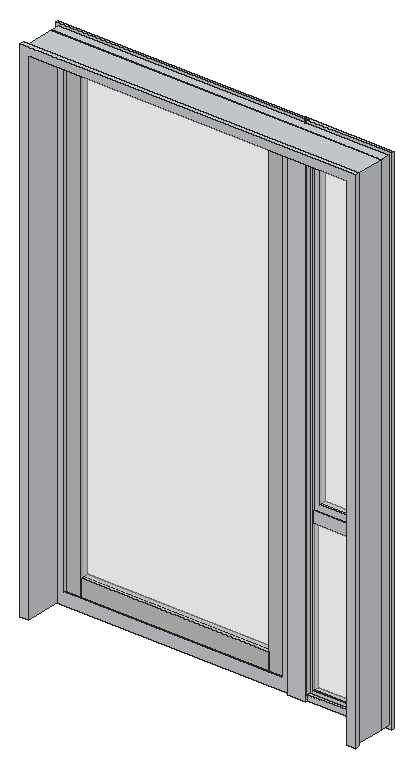
Revit family "APL Residential Thermal Heart Hinged Door with Sidelight", category Doors, host Wall, Revit 2017 (continued)
Definition of nested family "APL Residential Thermal Heart Sidelight Vertical Section"
  Definition of nested family "65000_Frame"
    Lines and regions (mm)
      detail lines, in view "Ref. Level"
        curve 150: arc (-17.004, 15.737, 0) -> (-17.151, 15.928, 0) -> (-17.38, 16, 0) r 0.4
        curve 151: arc (-23.02, 16, 0) -> (-23.249, 15.928, 0) -> (-23.396, 15.737, 0) r 0.4
        curve 152: arc (-24.284, 13.297, 0) -> (-24.395, 13.153, 0) -> (-24.57, 13.1, 0) r 0.3
        curve 153: arc (-24.57, 13.1, 0) -> (-24.885, 13.14, 0) -> (-25.179, 13.261, 0) r 1.2
        curve 154: arc (-26.707, 14.146, 0) -> (-26.804, 14.186, 0) -> (-26.907, 14.2, 0) r 0.4
        curve 155: arc (-27.2, 14.2, 0) -> (-27.483, 14.083, 0) -> (-27.6, 13.8, 0) r 0.4
        curve 156: line (-27.2, 10, 0) -> (-26.907, 10, 0)
        curve 157: line (-26.707, 10.054, 0) -> (-25.179, 10.939, 0)
        curve 158: line (-24.578, 11.1, 0) -> (-23.655, 11.1, 0)
        curve 159: line (-22.716, 11.758, 0) -> (-21.923, 13.937, 0)
        curve 160: line (-21.547, 14.2, 0) -> (-18.853, 14.2, 0)
        curve 161: line (-18.477, 13.937, 0) -> (-17.684, 11.758, 0)
        curve 162: line (-16.745, 11.1, 0) -> (-15.822, 11.1, 0)
        curve 163: line (-15.221, 10.939, 0) -> (-13.693, 10.054, 0)
        curve 164: line (-13.493, 10, 0) -> (-13.2, 10, 0)
        curve 165: line (-12.8, 10.4, 0) -> (-12.8, 13.8, 0)
        curve 166: line (-13.2, 14.2, 0) -> (-13.493, 14.2, 0)
        curve 167: line (-13.693, 14.146, 0) -> (-15.221, 13.261, 0)
        curve 168: line (-16.116, 13.297, 0) -> (-17.004, 15.737, 0)
        curve 169: line (-17.38, 16, 0) -> (-23.02, 16, 0)
        curve 170: line (-23.396, 15.737, 0) -> (-24.284, 13.297, 0)
        curve 171: line (-25.179, 13.261, 0) -> (-26.707, 14.146, 0)
        curve 172: line (-26.907, 14.2, 0) -> (-27.2, 14.2, 0)
        curve 173: line (-27.6, 13.8, 0) -> (-27.6, 10.4, 0)
        curve 174: arc (-15.897, -0.782, 0) -> (-16.183, -0.738, 0) -> (-16.299, -0.474, 0) r 0.3
        curve 175: arc (-16.092, 1.892, 0) -> (-16.065, 1.992, 0) -> (-16.005, 2.078, 0) r 0.3
        curve 176: arc (-15.641, 2.441, 0) -> (-15.448, 2.493, 0) -> (-15.307, 2.352, 0) r 0.2
        curve 177: arc (-15.262, 2.184, 0) -> (-15.21, 2.095, 0) -> (-15.121, 2.043, 0) r 0.2
        curve 178: arc (-12.9, 1.5, 0) -> (-12.62, 1.693, 0) -> (-12.7, 2.024, 0) r 0.3
        curve 179: arc (-12.7, 2.024, 0) -> (-12.774, 2.125, 0) -> (-12.8, 2.247, 0) r 0.3
        curve 180: arc (-12.606, 6.25, 0) -> (-12.642, 6.422, 0) -> (-12.8, 6.5, 0) r 0.2
        curve 181: arc (-13.321, 6.5, 0) -> (-13.402, 6.489, 0) -> (-13.477, 6.456, 0) r 0.3
        curve 182: arc (-14.731, 5.691, 0) -> (-14.728, 5.521, 0) -> (-14.834, 5.389, 0) r 0.25
        curve 183: arc (-14.92, 5.337, 0) -> (-15.172, 5.332, 0) -> (-15.3, 5.55, 0) r 0.25
        curve 184: arc (-15.3, 7.126, 0) -> (-15.218, 7.523, 0) -> (-14.985, 7.854, 0) r 1
        curve 185: arc (-14.985, 7.854, 0) -> (-14.922, 8, 0) -> (-14.985, 8.146, 0) r 0.2
        curve 186: arc (-14.985, 8.146, 0) -> (-15.218, 8.477, 0) -> (-15.3, 8.874, 0) r 1
        curve 187: arc (-15.3, 10.45, 0) -> (-15.172, 10.668, 0) -> (-14.92, 10.663, 0) r 0.25
        curve 188: arc (-14.834, 10.611, 0) -> (-14.728, 10.479, 0) -> (-14.731, 10.309, 0) r 0.25
        curve 189: arc (-13.477, 9.544, 0) -> (-13.402, 9.511, 0) -> (-13.321, 9.5, 0) r 0.3
        curve 190: arc (-12.8, 9.5, 0) -> (-12.642, 9.578, 0) -> (-12.606, 9.75, 0) r 0.2
        curve 191: arc (-12.8, 13.753, 0) -> (-12.774, 13.875, 0) -> (-12.7, 13.976, 0) r 0.3
        curve 192: arc (-12.7, 13.976, 0) -> (-12.62, 14.307, 0) -> (-12.9, 14.5, 0) r 0.3
        curve 193: arc (-15.121, 13.957, 0) -> (-15.21, 13.905, 0) -> (-15.262, 13.816, 0) r 0.2
        curve 194: arc (-15.307, 13.648, 0) -> (-15.448, 13.507, 0) -> (-15.641, 13.559, 0) r 0.2
        curve 195: arc (-16.005, 13.922, 0) -> (-16.065, 14.008, 0) -> (-16.092, 14.108, 0) r 0.3
        curve 196: arc (-16.299, 16.474, 0) -> (-16.183, 16.738, 0) -> (-15.897, 16.782, 0) r 0.3
        curve 197: arc (-14.487, 16.268, 0) -> (-14.361, 16.181, 0) -> (-14.295, 16.043, 0) r 0.3
        curve 198: arc (-14.295, 16.043, 0) -> (-14.022, 15.801, 0) -> (-13.717, 16, 0) r 0.3
        curve 199: arc (-11.9, 16, 0) -> (-11.193, 15.707, 0) -> (-10.9, 15, 0) r 1
        curve 200: arc (-10.9, 2.2, 0) -> (-10.841, 2.059, 0) -> (-10.7, 2, 0) r 0.2
        curve 201: arc (-2.491, 2, 0) -> (-2.137, 2.146, 0) -> (-1.991, 2.5, 0) r 0.5
        curve 202: arc (-1.991, 5.924, 0) -> (-1.844, 6.278, 0) -> (-1.491, 6.425, 0) r 0.501
        curve 203: arc (5.2, 6.425, 0) -> (5.341, 6.484, 0) -> (5.4, 6.625, 0) r 0.2
        curve 204: arc (5.4, 14.6, 0) -> (5.81, 15.59, 0) -> (6.8, 16, 0) r 1.4
        curve 205: arc (16.5, 16, 0) -> (17.2, 15.3, 0) -> (16.5, 14.6, 0) r 0.7
        curve 206: arc (6.7, 6.425, 0) -> (6.29, 5.435, 0) -> (5.3, 5.025, 0) r 1.4
        curve 207: arc (4.017, 5.025, 0) -> (3.727, 4.932, 0) -> (3.545, 4.689, 0) r 0.5
        curve 208: arc (3.545, 4.689, 0) -> (2.991, 4.159, 0) -> (2.238, 4.302, 0) r 0.837
        curve 209: arc (2.238, 4.302, 0) -> (1.3, 4.625, 0) -> (0.362, 4.302, 0) r 1.525
        curve 210: arc (0.362, 4.302, 0) -> (0.2, 4.203, 0) -> (0.02, 4.143, 0) r 0.837
        curve 211: arc (0.02, 4.143, 0) -> (-0.186, 4.046, 0) -> (-0.328, 3.867, 0) r 0.5
        curve 212: arc (-0.328, 3.867, 0) -> (-0.5, 3.1, 0) -> (-0.328, 2.333, 0) r 1.8
        curve 213: arc (-0.328, 2.333, 0) -> (-0.186, 2.154, 0) -> (0.02, 2.057, 0) r 0.5
        curve 214: arc (0.02, 2.057, 0) -> (0.2, 1.997, 0) -> (0.362, 1.898, 0) r 0.837
        curve 215: arc (0.362, 1.898, 0) -> (1.3, 1.575, 0) -> (2.238, 1.898, 0) r 1.525
        curve 216: arc (2.238, 1.898, 0) -> (2.888, 2.064, 0) -> (3.452, 1.7, 0) r 0.837
        curve 217: arc (4.1, 1.7, 0) -> (5.444, 1.144, 0) -> (6, -0.2, 0) r 1.9
        curve 218: arc (6, -1.575, 0) -> (6.059, -1.717, 0) -> (6.2, -1.775, 0) r 0.2
        curve 219: arc (6.5, -1.775, 0) -> (6.641, -1.834, 0) -> (6.7, -1.975, 0) r 0.2
        curve 220: arc (10.2, -4.9, 0) -> (10.7, -5.4, 0) -> (10.2, -5.9, 0) r 0.5
        curve 221: arc (5.9, -5.9, 0) -> (5.759, -5.959, 0) -> (5.7, -6.1, 0) r 0.2
        curve 222: arc (5.7, -18.8, 0) -> (5.641, -18.941, 0) -> (5.5, -19, 0) r 0.2
        curve 223: arc (2.4, -19, 0) -> (2.259, -18.941, 0) -> (2.2, -18.8, 0) r 0.2
        curve 224: arc (2.2, -17.25, 0) -> (2.699, -16.749, 0) -> (3.2, -17.249, 0) r 0.5
        curve 225: arc (3.2, -13.249, 0) -> (2.7, -13.749, 0) -> (2.2, -13.249, 0) r 0.5
        curve 226: arc (2.2, -12.5, 0) -> (2.493, -11.793, 0) -> (3.2, -11.5, 0) r 1
        curve 227: arc (4.1, -11.5, 0) -> (4.241, -11.441, 0) -> (4.3, -11.3, 0) r 0.2
        curve 228: arc (4.3, -5.842, 0) -> (4.539, -5.059, 0) -> (5.175, -4.544, 0) r 1.4
        curve 229: arc (5.175, -4.544, 0) -> (5.266, -4.47, 0) -> (5.3, -4.358, 0) r 0.2
        curve 230: arc (5.3, -3.317, 0) -> (5.266, -3.205, 0) -> (5.175, -3.132, 0) r 0.2
        curve 231: arc (5.175, -3.132, 0) -> (4.539, -2.616, 0) -> (4.3, -1.834, 0) r 1.4
        curve 232: arc (4.3, -0.2, 0) -> (4.241, -0.059, 0) -> (4.1, 0, 0) r 0.2
        curve 233: line (-14.487, -0.268, 0) -> (-15.897, -0.782, 0)
        curve 234: line (-16.299, -0.474, 0) -> (-16.092, 1.892, 0)
        curve 235: line (-16.005, 2.078, 0) -> (-15.641, 2.441, 0)
        curve 236: line (-15.307, 2.352, 0) -> (-15.262, 2.184, 0)
        curve 237: line (-15.262, 2.184, 0) -> (-13.132, 1.51, 0)
        curve 238: line (-13.132, 1.51, 0) -> (-12.9, 1.5, 0)
        curve 239: line (-12.8, 2.247, 0) -> (-12.8, 5.475, 0)
        curve 240: line (-12.8, 5.475, 0) -> (-12.606, 6.25, 0)
        curve 241: line (-12.8, 6.5, 0) -> (-13.321, 6.5, 0)
        curve 242: line (-13.321, 6.5, 0) -> (-14.731, 5.691, 0)
        curve 243: line (-15.3, 5.55, 0) -> (-15.3, 7.126, 0)
        curve 244: line (-15.3, 8.874, 0) -> (-15.3, 10.45, 0)
        curve 245: line (-14.731, 10.309, 0) -> (-13.477, 9.544, 0)
        curve 246: line (-13.477, 9.544, 0) -> (-12.8, 9.5, 0)
        curve 247: line (-12.606, 9.75, 0) -> (-12.794, 10.475, 0)
        curve 248: line (-12.794, 10.475, 0) -> (-12.8, 13.753, 0)
        curve 249: line (-13.054, 14.5, 0) -> (-15.121, 13.957, 0)
        curve 250: line (-15.121, 13.957, 0) -> (-15.307, 13.648, 0)
        curve 251: line (-15.641, 13.559, 0) -> (-16.005, 13.922, 0)
        curve 252: line (-16.092, 14.108, 0) -> (-16.299, 16.474, 0)
        curve 253: line (-15.897, 16.782, 0) -> (-14.487, 16.268, 0)
        curve 254: line (-13.717, 16, 0) -> (-11.9, 16, 0)
        curve 255: line (-10.9, 15, 0) -> (-10.9, 2.2, 0)
        curve 256: line (-10.7, 2, 0) -> (-2.491, 2, 0)
        curve 257: line (-1.991, 2.5, 0) -> (-1.991, 5.924, 0)
        curve 258: line (-1.491, 6.425, 0) -> (5.2, 6.425, 0)
        curve 259: line (5.4, 6.625, 0) -> (5.4, 14.6, 0)
        curve 260: line (6.8, 16, 0) -> (7.7, 16, 0)
        curve 261: line (7.7, 16, 0) -> (8.1, 15.6, 0)
        curve 262: line (8.1, 15.6, 0) -> (13.3, 15.6, 0)
        curve 263: line (13.3, 15.6, 0) -> (13.7, 16, 0)
        curve 264: line (13.7, 16, 0) -> (16.7, 16, 0)
        curve 265: line (16.5, 14.6, 0) -> (6.7, 14.6, 0)
        curve 266: line (6.7, 14.6, 0) -> (6.7, 6.425, 0)
        curve 267: line (5.3, 5.025, 0) -> (4.017, 5.025, 0)
        curve 268: line (3.452, 1.7, 0) -> (4.1, 1.7, 0)
        curve 269: line (6, -0.2, 0) -> (6, -1.575, 0)
        curve 270: line (6.2, -1.775, 0) -> (6.5, -1.775, 0)
        curve 271: line (6.7, -1.975, 0) -> (6.7, -4.9, 0)
        curve 272: line (6.7, -4.9, 0) -> (10.2, -4.9, 0)
        curve 273: line (10.2, -5.9, 0) -> (5.9, -5.9, 0)
        curve 274: line (5.7, -6.1, 0) -> (5.7, -18.8, 0)
        curve 275: line (5.5, -19, 0) -> (2.4, -19, 0)
        curve 276: line (2.2, -18.8, 0) -> (2.2, -17.25, 0)
        curve 277: line (3.2, -17.249, 0) -> (3.2, -18, 0)
        curve 278: line (3.2, -18, 0) -> (4.7, -18, 0)
        curve 279: line (4.7, -18, 0) -> (4.7, -12.5, 0)
        curve 280: line (4.7, -12.5, 0) -> (3.2, -12.5, 0)
        curve 281: line (3.2, -12.5, 0) -> (3.2, -13.249, 0)
        curve 282: line (2.2, -13.249, 0) -> (2.2, -12.5, 0)
        curve 283: line (3.2, -11.5, 0) -> (4.1, -11.5, 0)
        curve 284: line (4.3, -11.3, 0) -> (4.3, -5.842, 0)
        curve 285: line (5.3, -4.358, 0) -> (5.3, -3.317, 0)
        curve 286: line (4.3, -1.834, 0) -> (4.3, -0.2, 0)
        curve 287: line (4.1, 0, 0) -> (-6, 0, 0)
        curve 288: line (-6, 0, 0) -> (-6.4, 0.4, 0)
        curve 289: line (-6.4, 0.4, 0) -> (-6.8, 0, 0)
        curve 290: line (-6.8, 0, 0) -> (-13.717, 0, 0)
        curve 291: arc (-13.717, 0, 0) -> (-14.022, 0.199, 0) -> (-14.295, -0.043, 0) r 0.3
        curve 292: arc (-14.295, -0.043, 0) -> (-14.361, -0.181, 0) -> (-14.487, -0.268, 0) r 0.3
        curve 293: arc (0.482, -10.144, 0) -> (0.172, -10.004, 0) -> (0.009, -10.303, 0) r 0.25
        curve 294: arc (0.036, -20.191, 0) -> (0.198, -20.491, 0) -> (0.508, -20.351, 0) r 0.25
        curve 295: line (0.009, -10.303, 0) -> (1.003, -14.171, 0)
        curve 296: line (1.003, -14.171, 0) -> (0, -14.75, 0)
        curve 297: line (0, -14.75, 0) -> (0, -15.75, 0)
        curve 298: line (0, -15.75, 0) -> (1.025, -16.342, 0)
        curve 299: line (1.025, -16.342, 0) -> (0.036, -20.191, 0)
        curve 300: line (0.508, -20.351, 0) -> (2.232, -16.25, 0)
        curve 301: line (2.232, -16.25, 0) -> (3.5, -16.25, 0)
        curve 302: line (3.5, -16.25, 0) -> (3.5, -17.5, 0)
        curve 303: line (3.5, -17.5, 0) -> (4.5, -17.5, 0)
        curve 304: line (4.5, -17.5, 0) -> (4.5, -13, 0)
        curve 305: line (4.5, -13, 0) -> (3.5, -13, 0)
        curve 306: line (3.5, -13, 0) -> (3.5, -14.25, 0)
        curve 307: line (3.5, -14.25, 0) -> (2.208, -14.25, 0)
        curve 308: line (2.208, -14.25, 0) -> (0.482, -10.144, 0)
      detail lines, in view "Ref. Level", not visible
        curve 309: arc (33.161, -9.933, 0) -> (32.851, -9.793, 0) -> (32.689, -10.092, 0) r 0.25
        curve 310: arc (32.715, -19.98, 0) -> (32.877, -20.279, 0) -> (33.188, -20.139, 0) r 0.25
        curve 311: line (32.689, -10.092, 0) -> (33.683, -13.959, 0)
        curve 312: line (33.683, -13.959, 0) -> (32.679, -14.539, 0)
        curve 313: line (32.679, -14.539, 0) -> (32.679, -15.539, 0)
        curve 314: line (32.679, -15.539, 0) -> (33.705, -16.131, 0)
        curve 315: line (33.705, -16.131, 0) -> (32.715, -19.98, 0)
        curve 316: line (33.188, -20.139, 0) -> (34.912, -16.039, 0)
        curve 317: line (34.912, -16.039, 0) -> (36.179, -16.039, 0)
        curve 318: line (36.179, -16.039, 0) -> (36.179, -17.289, 0)
        curve 319: line (36.179, -17.289, 0) -> (37.179, -17.289, 0)
        curve 320: line (37.179, -17.289, 0) -> (37.179, -12.789, 0)
        curve 321: line (37.179, -12.789, 0) -> (36.179, -12.789, 0)
        curve 322: line (36.179, -12.789, 0) -> (36.179, -14.039, 0)
        curve 323: line (36.179, -14.039, 0) -> (34.887, -14.039, 0)
        curve 324: line (34.887, -14.039, 0) -> (33.161, -9.933, 0)
    Text (mm)
      text "65000" at (-42.674, -12.336, 0), in view "Ref. Level"
  Definition of nested family "Glazing Bead"
    Parameters (values of type "Glazing Bead")
      Glass Lenght [instance] = 50 mm
    Reference planes
      plane 1 "Center (Front/Back)": y = 0
      plane 2: z = 0
      plane 3 "Center (Left/Right)": x = 0
      plane 4: y = -50
    Lines and regions (mm)
      Filled region 1, type "Solid Fill - Black", in view "Ref. Level"
        outline origin (0, 0, 0) x (1, 0, 0) y (0, 1, 0)
          loop
            line (4, 0) -> (4, -12) -> (20, -12) -> (20, 0) -> (4, 0)
      model lines, in view "Ref. Level"
        curve 1: line (4, -12, 0) -> (20, -12, 0)
        curve 2: line (0, -50, 0) -> (0, 0, 0)
        curve 3: line (0, 0, 0) -> (24, 0, 0)
        curve 4: line (24, 0, 0) -> (24, -50, 0)
        curve 5: line (20, 0, 0) -> (20, -50, 0)
        curve 6: line (4, 0, 0) -> (4, -50, 0)
      detail lines, in view "Ref. Level"
        curve 7: arc (-0.25, -4.9, 0) -> (0, -5.15, 0) -> (-0.25, -5.4, 0) r 0.25
        curve 8: arc (-0.25, -8.45, 0) -> (0, -8.7, 0) -> (-0.25, -8.95, 0) r 0.25
        curve 9: arc (-0.25, -9.619, 0) -> (0, -9.869, 0) -> (-0.25, -10.119, 0) r 0.25
        curve 10: arc (-0.25, -10.787, 0) -> (0, -11.037, 0) -> (-0.25, -11.287, 0) r 0.25
        curve 11: line (-0.25, -12.456, 0) -> (-1, -12.456, 0)
        curve 12: line (-1, -12.456, 0) -> (-1, -8.45, 0)
        curve 13: line (-1, -8.45, 0) -> (-2.2, -8.45, 0)
        curve 14: line (-2.2, -8.45, 0) -> (-2.2, -9.2, 0)
        curve 15: line (-2.2, -9.2, 0) -> (-2.8, -9.2, 0)
        curve 16: line (-2.8, -9.2, 0) -> (-2.8, -6.1, 0)
        curve 17: line (-2.8, -6.1, 0) -> (-2.2, -6.1, 0)
        curve 18: line (-2.2, -6.1, 0) -> (-2.2, -6.85, 0)
        curve 19: line (-2.2, -6.85, 0) -> (-1, -6.85, 0)
        curve 20: line (-1, -6.85, 0) -> (-1, -4.9, 0)
        curve 21: line (-1, -4.9, 0) -> (-0.25, -4.9, 0)
        curve 22: line (-0.25, -5.4, 0) -> (-0.25, -8.45, 0)
        curve 23: line (-0.25, -8.95, 0) -> (-0.25, -9.619, 0)
        curve 24: line (-0.25, -10.119, 0) -> (-0.25, -10.787, 0)
        curve 25: line (-0.25, -11.287, 0) -> (-0.25, -11.956, 0)
        curve 26: arc (-0.25, -11.956, 0) -> (0, -12.206, 0) -> (-0.25, -12.456, 0) r 0.25
      detail lines, in view "Ref. Level", not visible
        curve 27: arc (-0.25, -4.9, 0) -> (0, -5.15, 0) -> (-0.25, -5.4, 0) r 0.25
        curve 28: arc (-0.25, -8.45, 0) -> (0, -8.7, 0) -> (-0.25, -8.95, 0) r 0.25
        curve 29: arc (-0.25, -9.619, 0) -> (0, -9.869, 0) -> (-0.25, -10.119, 0) r 0.25
        curve 30: arc (-0.25, -10.787, 0) -> (0, -11.037, 0) -> (-0.25, -11.287, 0) r 0.25
        curve 31: line (-0.25, -12.456, 0) -> (-1, -12.456, 0)
        curve 32: line (-1, -12.456, 0) -> (-1, -8.45, 0)
        curve 33: line (-1, -8.45, 0) -> (-2.2, -8.45, 0)
        curve 34: line (-2.2, -8.45, 0) -> (-2.2, -9.2, 0)
        curve 35: line (-2.2, -9.2, 0) -> (-2.8, -9.2, 0)
        curve 36: line (-2.8, -9.2, 0) -> (-2.8, -6.1, 0)
        curve 37: line (-2.8, -6.1, 0) -> (-2.2, -6.1, 0)
        curve 38: line (-2.2, -6.1, 0) -> (-2.2, -6.85, 0)
        curve 39: line (-2.2, -6.85, 0) -> (-1, -6.85, 0)
        curve 40: line (-1, -6.85, 0) -> (-1, -4.9, 0)
        curve 41: line (-1, -4.9, 0) -> (-0.25, -4.9, 0)
        curve 42: line (-0.25, -5.4, 0) -> (-0.25, -8.45, 0)
        curve 43: line (-0.25, -8.95, 0) -> (-0.25, -9.619, 0)
        curve 44: line (-0.25, -10.119, 0) -> (-0.25, -10.787, 0)
        curve 45: line (-0.25, -11.287, 0) -> (-0.25, -11.956, 0)
        curve 46: arc (-0.25, -11.956, 0) -> (0, -12.206, 0) -> (-0.25, -12.456, 0) r 0.25
        curve 47: arc (62.983, -3.041, 0) -> (62.673, -2.901, 0) -> (62.511, -3.2, 0) r 0.25
        curve 48: arc (62.537, -13.088, 0) -> (62.7, -13.387, 0) -> (63.01, -13.247, 0) r 0.25
        curve 49: line (62.511, -3.2, 0) -> (63.505, -7.068, 0)
        curve 50: line (63.505, -7.068, 0) -> (62.502, -7.647, 0)
        curve 51: line (62.502, -7.647, 0) -> (62.502, -8.647, 0)
        curve 52: line (62.502, -8.647, 0) -> (63.527, -9.239, 0)
        curve 53: line (63.527, -9.239, 0) -> (62.537, -13.088, 0)
        curve 54: line (63.01, -13.247, 0) -> (64.734, -9.147, 0)
        curve 55: line (64.734, -9.147, 0) -> (66.002, -9.147, 0)
        curve 56: line (66.002, -9.147, 0) -> (66.002, -10.397, 0)
        curve 57: line (66.002, -10.397, 0) -> (67.002, -10.397, 0)
        curve 58: line (67.002, -10.397, 0) -> (67.002, -5.897, 0)
        curve 59: line (67.002, -5.897, 0) -> (66.002, -5.897, 0)
        curve 60: line (66.002, -5.897, 0) -> (66.002, -7.147, 0)
        curve 61: line (66.002, -7.147, 0) -> (64.71, -7.147, 0)
        curve 62: line (64.71, -7.147, 0) -> (62.983, -3.041, 0)
    Dimensions and locks
      "Glass Lenght": plane 1 "Center (Front/Back)" to plane 4
      aligned and locked: plane 4 to curve 2
      aligned and locked: plane 1 "Center (Front/Back)" to Filled region 1 sketch curve
      aligned and locked: Filled region 1 sketch curve to curve 6
      aligned and locked: Filled region 1 sketch curve to curve 1
      aligned and locked: Filled region 1 sketch curve to curve 5
    Automatic sketch dimensions
      plane 1 "Center (Front/Back)" to curve 2 = 0 mm
      curve 2 to plane 3 "Center (Left/Right)" = 0 mm
      curve 6 to plane 4 = 0 mm
      curve 5 to plane 4 = 0 mm
      curve 4 to plane 4 = 0 mm
      curve 5 to curve 3 = 4 mm
      plane 3 "Center (Left/Right)" to curve 1 = 4 mm
      curve 6 to curve 5 = 16 mm
      plane 1 "Center (Front/Back)" to curve 1 = 12 mm
    Nested families
      nested 1: "65015_Bead" at (-15.5, 6.328, 0), type "65015_Bead", in view "Ref. Level"
    Definition of nested family "65015_Bead"
      Reference planes
        plane 1 "Center (Front/Back)": y = 0
        plane 2: z = 0
        plane 3 "Center (Left/Right)": x = 0
      Lines and regions (mm)
        model lines, in view "Ref. Level"
          curve 1: arc (13.5, 12.78, 0) -> (13.558, 12.92, 0) -> (13.698, 12.978, 0) r 0.198
          curve 2: arc (14.302, 12.978, 0) -> (14.442, 12.918, 0) -> (14.5, 12.777, 0) r 0.201
          curve 3: arc (14.5, 10.175, 0) -> (14.442, 10.036, 0) -> (14.302, 9.978, 0) r 0.198
          curve 4: arc (13.698, 9.978, 0) -> (13.558, 10.036, 0) -> (13.5, 10.175, 0) r 0.198
          curve 5: arc (13.5, 11.027, 0) -> (13.442, 11.169, 0) -> (13.3, 11.228, 0) r 0.2
          curve 6: arc (12.7, 11.228, 0) -> (11.851, 11.579, 0) -> (11.5, 12.428, 0) r 1.2
          curve 7: arc (11.5, 13.628, 0) -> (11.377, 13.813, 0) -> (11.159, 13.769, 0) r 0.2
          curve 8: arc (1.546, 4.157, 0) -> (1.438, 3.995, 0) -> (1.4, 3.804, 0) r 0.5
          curve 9: arc (1.4, 1.817, 0) -> (1.467, 1.567, 0) -> (1.65, 1.384, 0) r 0.5
          curve 10: arc (10.675, -3.827, 0) -> (10.913, -4.714, 0) -> (10.025, -4.952, 0) r 0.65
          curve 11: arc (3.306, -1.073, 0) -> (2.928, -1.023, 0) -> (2.624, -1.254, 0) r 0.5
          curve 12: arc (2.587, -2.129, 0) -> (2.248, -2.45, 0) -> (1.791, -2.352, 0) r 0.5
          curve 13: arc (1.518, -2.123, 0) -> (1.466, -2.054, 0) -> (1.447, -1.97, 0) r 0.2
          curve 14: arc (1.447, -1.115, 0) -> (1.476, -1.011, 0) -> (1.555, -0.938, 0) r 0.2
          curve 15: arc (1.555, -0.938, 0) -> (1.717, -0.809, 0) -> (1.82, -0.63, 0) r 0.55
          curve 16: arc (1.82, -0.63, 0) -> (1.825, -0.452, 0) -> (1.729, -0.302, 0) r 0.3
          curve 17: arc (0.2, 0, 0) -> (0.059, 0.059, 0) -> (0, 0.2, 0) r 0.2
          curve 18: arc (0, 4.383, 0) -> (0.038, 4.575, 0) -> (0.146, 4.737, 0) r 0.5
          curve 19: arc (14.159, 18.749, 0) -> (14.377, 18.792, 0) -> (14.5, 18.608, 0) r 0.2
          curve 20: arc (14.5, 15.172, 0) -> (14.442, 15.034, 0) -> (14.303, 14.978, 0) r 0.194
          curve 21: arc (13.698, 14.978, 0) -> (13.559, 15.038, 0) -> (13.5, 15.177, 0) r 0.203
          curve 22: arc (13.5, 15.528, 0) -> (13.441, 15.669, 0) -> (13.3, 15.728, 0) r 0.201
          curve 23: arc (12.7, 15.728, 0) -> (12.559, 15.669, 0) -> (12.5, 15.528, 0) r 0.2
          curve 24: arc (12.5, 12.428, 0) -> (12.559, 12.286, 0) -> (12.7, 12.228, 0) r 0.2
          curve 25: line (13.5, 12.428, 0) -> (13.5, 12.78, 0)
          curve 26: line (13.698, 12.978, 0) -> (14.302, 12.978, 0)
          curve 27: line (14.5, 12.777, 0) -> (14.5, 10.175, 0)
          curve 28: line (14.302, 9.978, 0) -> (13.698, 9.978, 0)
          curve 29: line (13.5, 10.175, 0) -> (13.5, 11.027, 0)
          curve 30: line (13.3, 11.228, 0) -> (12.7, 11.228, 0)
          curve 31: line (11.5, 12.428, 0) -> (11.5, 13.628, 0)
          curve 32: line (11.159, 13.769, 0) -> (1.546, 4.157, 0)
          curve 33: line (1.4, 3.804, 0) -> (1.4, 1.817, 0)
          curve 34: line (1.65, 1.384, 0) -> (10.675, -3.827, 0)
          curve 35: line (10.025, -4.952, 0) -> (3.306, -1.073, 0)
          curve 36: line (2.597, -1.355, 0) -> (2.597, -2.065, 0)
          curve 37: line (1.791, -2.352, 0) -> (1.518, -2.123, 0)
          curve 38: line (1.518, -2.123, 0) -> (1.447, -1.115, 0)
          curve 39: line (1.729, -0.302, 0) -> (1.425, -0.047, 0)
          curve 40: line (1.425, -0.047, 0) -> (0.2, 0, 0)
          curve 41: line (0, 0.2, 0) -> (0, 4.383, 0)
          curve 42: line (0.146, 4.737, 0) -> (14.159, 18.749, 0)
          curve 43: line (14.5, 18.608, 0) -> (14.5, 15.172, 0)
          curve 44: line (14.303, 14.978, 0) -> (13.698, 14.978, 0)
          curve 45: line (13.5, 15.177, 0) -> (13.5, 15.528, 0)
          curve 46: line (13.3, 15.728, 0) -> (12.7, 15.728, 0)
          curve 47: line (12.5, 15.528, 0) -> (12.5, 12.428, 0)
          curve 48: line (12.7, 12.228, 0) -> (13.3, 12.228, 0)
          curve 49: arc (13.3, 12.228, 0) -> (13.441, 12.286, 0) -> (13.5, 12.428, 0) r 0.2
      Text (mm)
        text "65015" at (32.01, 10.207, 0), in view "Ref. Level"
  Definition of nested family "Sash Mullion-Transom"
    Reference planes
      plane 1 "Center (Front/Back)": y = 0
      plane 2: z = 0
      plane 3 "Center (Left/Right)": x = 0
    Dimensions and locks
      nested 1 to nested 2 = 13 mm
    Nested families
      nested 1: "65720_Sash" at (-40.8, 31, 0), type "65720_Sash", in view "Ref. Level"
      nested 2: "65100_Mullion&Transom" at (0, 0, 0), type "65100_Mullion&Transom", in view "Ref. Level"
    Definition of nested family "65720_Sash"
      Reference planes
        plane 1 "Center (Front/Back)": y = 0
        plane 2: z = 0
        plane 3 "Center (Left/Right)": x = 0
      Lines and regions (mm)
        detail lines, in view "Ref. Level"
          curve 1: arc (-0.482, 17.85, 0) -> (-0.172, 17.71, 0) -> (-0.009, 18.009, 0) r 0.25
          curve 2: arc (-0.036, 27.897, 0) -> (-0.198, 28.196, 0) -> (-0.508, 28.056, 0) r 0.25
          curve 3: line (-0.009, 18.009, 0) -> (-1.003, 21.876, 0)
          curve 4: line (-1.003, 21.876, 0) -> (0, 22.455, 0)
          curve 5: line (0, 22.455, 0) -> (0, 23.455, 0)
          curve 6: line (0, 23.455, 0) -> (-1.025, 24.047, 0)
          curve 7: line (-1.025, 24.047, 0) -> (-0.036, 27.897, 0)
          curve 8: line (-0.508, 28.056, 0) -> (-2.232, 23.955, 0)
          curve 9: line (-2.232, 23.955, 0) -> (-3.5, 23.955, 0)
          curve 10: line (-3.5, 23.955, 0) -> (-3.5, 25.205, 0)
          curve 11: line (-3.5, 25.205, 0) -> (-4.5, 25.205, 0)
          curve 12: line (-4.5, 25.205, 0) -> (-4.5, 20.705, 0)
          curve 13: line (-4.5, 20.705, 0) -> (-3.5, 20.705, 0)
          curve 14: line (-3.5, 20.705, 0) -> (-3.5, 21.955, 0)
          curve 15: line (-3.5, 21.955, 0) -> (-2.208, 21.955, 0)
          curve 16: line (-2.208, 21.955, 0) -> (-0.482, 17.85, 0)
        detail lines, in view "Ref. Level", not visible
          curve 17: arc (33.161, -9.933, 0) -> (32.851, -9.793, 0) -> (32.689, -10.092, 0) r 0.25
          curve 18: arc (32.715, -19.98, 0) -> (32.877, -20.279, 0) -> (33.188, -20.139, 0) r 0.25
          curve 19: line (32.689, -10.092, 0) -> (33.683, -13.959, 0)
          curve 20: line (33.683, -13.959, 0) -> (32.679, -14.539, 0)
          curve 21: line (32.679, -14.539, 0) -> (32.679, -15.539, 0)
          curve 22: line (32.679, -15.539, 0) -> (33.705, -16.131, 0)
          curve 23: line (33.705, -16.131, 0) -> (32.715, -19.98, 0)
          curve 24: line (33.188, -20.139, 0) -> (34.912, -16.039, 0)
          curve 25: line (34.912, -16.039, 0) -> (36.179, -16.039, 0)
          curve 26: line (36.179, -16.039, 0) -> (36.179, -17.289, 0)
          curve 27: line (36.179, -17.289, 0) -> (37.179, -17.289, 0)
          curve 28: line (37.179, -17.289, 0) -> (37.179, -12.789, 0)
          curve 29: line (37.179, -12.789, 0) -> (36.179, -12.789, 0)
          curve 30: line (36.179, -12.789, 0) -> (36.179, -14.039, 0)
          curve 31: line (36.179, -14.039, 0) -> (34.887, -14.039, 0)
          curve 32: line (34.887, -14.039, 0) -> (33.161, -9.933, 0)
        model lines, in view "Ref. Level"
          curve 33: arc (17.915, 0.146, 0) -> (17.978, 0, 0) -> (17.915, -0.146, 0) r 0.2
          curve 34: arc (17.915, -0.146, 0) -> (17.682, -0.477, 0) -> (17.6, -0.874, 0) r 1
          curve 35: arc (17.6, -2.45, 0) -> (17.728, -2.668, 0) -> (17.98, -2.663, 0) r 0.25
          curve 36: arc (18.066, -2.611, 0) -> (18.172, -2.479, 0) -> (18.169, -2.309, 0) r 0.25
          curve 37: arc (19.422, -1.544, 0) -> (19.498, -1.511, 0) -> (19.579, -1.5, 0) r 0.3
          curve 38: arc (20.1, -1.5, 0) -> (20.258, -1.578, 0) -> (20.294, -1.75, 0) r 0.2
          curve 39: arc (20.1, -5.753, 0) -> (20.126, -5.875, 0) -> (20.2, -5.976, 0) r 0.3
          curve 40: arc (20.2, -5.976, 0) -> (20.28, -6.307, 0) -> (20, -6.5, 0) r 0.3
          curve 41: arc (17.779, -5.957, 0) -> (17.69, -5.905, 0) -> (17.638, -5.816, 0) r 0.2
          curve 42: arc (17.593, -5.648, 0) -> (17.452, -5.507, 0) -> (17.259, -5.559, 0) r 0.2
          curve 43: arc (16.895, -5.922, 0) -> (16.835, -6.008, 0) -> (16.808, -6.108, 0) r 0.3
          curve 44: arc (16.601, -8.474, 0) -> (16.717, -8.738, 0) -> (17.003, -8.782, 0) r 0.3
          curve 45: arc (18.413, -8.268, 0) -> (18.539, -8.181, 0) -> (18.605, -8.043, 0) r 0.3
          curve 46: arc (18.605, -8.043, 0) -> (18.878, -7.801, 0) -> (19.183, -8, 0) r 0.3
          curve 47: arc (38.5, -8, 0) -> (38.855, -8.145, 0) -> (39, -8.5, 0) r 0.496
          curve 48: arc (37.5, -13.6, 0) -> (36.793, -13.893, 0) -> (36.5, -14.6, 0) r 1
          curve 49: arc (36.5, -15.098, 0) -> (37, -15.599, 0) -> (37.5, -15.099, 0) r 0.5
          curve 50: arc (39.4, -19.8, 0) -> (39.1, -20.1, 0) -> (39.4, -20.4, 0) r 0.3
          curve 51: arc (37.5, -24.002, 0) -> (37.354, -23.647, 0) -> (37, -23.5, 0) r 0.5
          curve 52: arc (36.001, -23.5, 0) -> (35.859, -23.441, 0) -> (35.8, -23.3, 0) r 0.2
          curve 53: arc (35.8, -23.308, 0) -> (35.697, -23.003, 0) -> (35.429, -22.825, 0) r 0.5
          curve 54: arc (34.552, -22.589, 0) -> (34.378, -22.624, 0) -> (34.3, -22.783, 0) r 0.2
          curve 55: arc (34.52, -24.835, 0) -> (34.588, -24.953, 0) -> (34.717, -25, 0) r 0.2
          curve 56: arc (36, -26.8, 0) -> (36.059, -26.941, 0) -> (36.2, -27, 0) r 0.2
          curve 57: arc (40.6, -27, 0) -> (40.741, -26.941, 0) -> (40.8, -26.8, 0) r 0.2
          curve 58: arc (40.8, 9.2, 0) -> (40.2, 9.801, 0) -> (39.6, 9.2, 0) r 0.6
          curve 59: arc (34.719, 4.17, 0) -> (34.38, 4.303, 0) -> (34.221, 4.63, 0) r 0.5
          curve 60: arc (34.221, 4.63, 0) -> (34.008, 5.519, 0) -> (33.531, 6.299, 0) r 2.93
          curve 61: arc (33.531, 6.299, 0) -> (33.518, 6.54, 0) -> (33.747, 6.618, 0) r 0.2
          curve 62: arc (33.747, 6.618, 0) -> (34.115, 6.712, 0) -> (34.181, 7.087, 0) r 0.35
          curve 63: arc (34.181, 7.087, 0) -> (33.629, 7.751, 0) -> (32.801, 8, 0) r 1.498
          curve 64: arc (19.183, 8, 0) -> (18.878, 7.801, 0) -> (18.605, 8.043, 0) r 0.3
          curve 65: arc (18.605, 8.043, 0) -> (18.539, 8.181, 0) -> (18.413, 8.268, 0) r 0.3
          curve 66: arc (17.003, 8.782, 0) -> (16.717, 8.738, 0) -> (16.601, 8.474, 0) r 0.3
          curve 67: arc (16.808, 6.108, 0) -> (16.835, 6.008, 0) -> (16.895, 5.922, 0) r 0.3
          curve 68: arc (17.259, 5.559, 0) -> (17.452, 5.507, 0) -> (17.593, 5.648, 0) r 0.2
          curve 69: arc (17.638, 5.816, 0) -> (17.69, 5.905, 0) -> (17.779, 5.957, 0) r 0.2
          curve 70: arc (20, 6.5, 0) -> (20.28, 6.307, 0) -> (20.2, 5.976, 0) r 0.3
          curve 71: arc (20.2, 5.976, 0) -> (20.126, 5.875, 0) -> (20.1, 5.753, 0) r 0.3
          curve 72: arc (20.294, 1.75, 0) -> (20.258, 1.578, 0) -> (20.1, 1.5, 0) r 0.2
          curve 73: arc (19.579, 1.5, 0) -> (19.498, 1.511, 0) -> (19.423, 1.544, 0) r 0.3
          curve 74: arc (18.169, 2.309, 0) -> (18.172, 2.479, 0) -> (18.066, 2.611, 0) r 0.25
          curve 75: arc (17.98, 2.663, 0) -> (17.728, 2.668, 0) -> (17.6, 2.45, 0) r 0.25
          curve 76: arc (17.6, 0.874, 0) -> (17.682, 0.477, 0) -> (17.915, 0.146, 0) r 1
          curve 77: arc (28.892, 6.6, 0) -> (29.073, 6.485, 0) -> (29.046, 6.272, 0) r 0.2
          curve 78: arc (29.046, 6.272, 0) -> (28.37, 4.41, 0) -> (29.034, 2.543, 0) r 2.93
          curve 79: arc (29.034, 2.543, 0) -> (30.019, 2.445, 0) -> (30.116, 3.43, 0) r 0.7
          curve 80: arc (30.116, 3.43, 0) -> (29.77, 4.4, 0) -> (30.116, 5.37, 0) r 1.53
          curve 81: arc (30.116, 5.37, 0) -> (30.208, 5.514, 0) -> (30.262, 5.676, 0) r 0.7
          curve 82: arc (30.262, 5.676, 0) -> (30.359, 5.888, 0) -> (30.541, 6.032, 0) r 0.5
          curve 83: arc (30.541, 6.032, 0) -> (31.3, 6.2, 0) -> (32.059, 6.032, 0) r 1.8
          curve 84: arc (32.059, 6.032, 0) -> (32.241, 5.888, 0) -> (32.338, 5.676, 0) r 0.5
          curve 85: arc (32.338, 5.676, 0) -> (32.392, 5.514, 0) -> (32.484, 5.37, 0) r 0.7
          curve 86: arc (32.484, 5.37, 0) -> (32.83, 4.4, 0) -> (32.484, 3.43, 0) r 1.53
          curve 87: arc (32.484, 3.43, 0) -> (32.581, 2.445, 0) -> (33.566, 2.543, 0) r 0.7
          curve 88: arc (33.566, 2.543, 0) -> (33.647, 2.645, 0) -> (33.722, 2.751, 0) r 2.93
          curve 89: arc (33.722, 2.751, 0) -> (33.902, 2.912, 0) -> (34.135, 2.97, 0) r 0.5
          curve 90: arc (38.899, 2.97, 0) -> (39.253, 2.824, 0) -> (39.4, 2.47, 0) r 0.5
          curve 91: arc (39.4, -6.3, 0) -> (39.254, -6.654, 0) -> (38.9, -6.8, 0) r 0.5
          curve 92: arc (22.502, -6.8, 0) -> (22.147, -6.654, 0) -> (22, -6.3, 0) r 0.5
          curve 93: line (17.6, -0.874, 0) -> (17.6, -2.45, 0)
          curve 94: line (18.169, -2.309, 0) -> (19.422, -1.544, 0)
          curve 95: line (19.422, -1.544, 0) -> (20.1, -1.5, 0)
          curve 96: line (20.294, -1.75, 0) -> (20.106, -2.475, 0)
          curve 97: line (20.106, -2.475, 0) -> (20.1, -5.753, 0)
          curve 98: line (19.846, -6.5, 0) -> (17.779, -5.957, 0)
          curve 99: line (17.779, -5.957, 0) -> (17.593, -5.648, 0)
          curve 100: line (17.259, -5.559, 0) -> (16.895, -5.922, 0)
          curve 101: line (16.808, -6.108, 0) -> (16.601, -8.474, 0)
          curve 102: line (17.003, -8.782, 0) -> (18.413, -8.268, 0)
          curve 103: line (19.183, -8, 0) -> (38.5, -8, 0)
          curve 104: line (39, -8.5, 0) -> (39, -13.6, 0)
          curve 105: line (39, -13.6, 0) -> (37.5, -13.6, 0)
          curve 106: line (36.5, -14.6, 0) -> (36.5, -15.098, 0)
          curve 107: line (37.5, -15.099, 0) -> (37.5, -14.6, 0)
          curve 108: line (37.5, -14.6, 0) -> (39.4, -14.6, 0)
          curve 109: line (39.4, -14.6, 0) -> (39.4, -19.8, 0)
          curve 110: line (39.4, -20.4, 0) -> (39.4, -25.6, 0)
          curve 111: line (39.4, -25.6, 0) -> (37.5, -25.6, 0)
          curve 112: line (37.5, -25.6, 0) -> (37.5, -24.002, 0)
          curve 113: line (37, -23.5, 0) -> (36.001, -23.5, 0)
          curve 114: line (35.429, -22.825, 0) -> (34.552, -22.589, 0)
          curve 115: line (34.3, -22.783, 0) -> (34.3, -23.589, 0)
          curve 116: line (34.3, -23.589, 0) -> (34.52, -24.835, 0)
          curve 117: line (34.717, -25, 0) -> (36, -25, 0)
          curve 118: line (36, -25, 0) -> (36, -26.8, 0)
          curve 119: line (36.2, -27, 0) -> (40.6, -27, 0)
          curve 120: line (40.8, -26.8, 0) -> (40.8, 9.2, 0)
          curve 121: line (39.6, 9.2, 0) -> (39.6, 4.17, 0)
          curve 122: line (39.6, 4.17, 0) -> (34.719, 4.17, 0)
          curve 123: line (32.801, 8, 0) -> (24.7, 8, 0)
          curve 124: line (24.7, 8, 0) -> (24.3, 7.6, 0)
          curve 125: line (24.3, 7.6, 0) -> (23.9, 8, 0)
          curve 126: line (23.9, 8, 0) -> (19.183, 8, 0)
          curve 127: line (18.413, 8.268, 0) -> (17.003, 8.782, 0)
          curve 128: line (16.601, 8.474, 0) -> (16.808, 6.108, 0)
          curve 129: line (16.895, 5.922, 0) -> (17.259, 5.559, 0)
          curve 130: line (17.593, 5.648, 0) -> (17.638, 5.816, 0)
          curve 131: line (17.638, 5.816, 0) -> (19.768, 6.49, 0)
          curve 132: line (19.768, 6.49, 0) -> (20, 6.5, 0)
          curve 133: line (20.1, 5.753, 0) -> (20.1, 2.525, 0)
          curve 134: line (20.1, 2.525, 0) -> (20.294, 1.75, 0)
          curve 135: line (20.1, 1.5, 0) -> (19.579, 1.5, 0)
          curve 136: line (19.579, 1.5, 0) -> (18.169, 2.309, 0)
          curve 137: line (17.6, 2.45, 0) -> (17.6, 0.874, 0)
          curve 138: line (22.5, 6.6, 0) -> (28.892, 6.6, 0)
          curve 139: line (34.135, 2.97, 0) -> (38.899, 2.97, 0)
          curve 140: line (39.4, 2.47, 0) -> (39.4, -6.3, 0)
          curve 141: line (38.9, -6.8, 0) -> (22.502, -6.8, 0)
          curve 142: line (22, -6.3, 0) -> (22, 6.1, 0)
          curve 143: arc (22, 6.1, 0) -> (22.146, 6.454, 0) -> (22.5, 6.6, 0) r 0.5
          curve 144: arc (12.714, 14.359, 0) -> (13.138, 14.183, 0) -> (13.314, 13.759, 0) r 0.6
          curve 145: arc (13.633, 5.978, 0) -> (13.937, 5.291, 0) -> (14.633, 5.009, 0) r 1
          curve 146: arc (17.054, 5.009, 0) -> (17.364, 5.05, 0) -> (17.654, 5.17, 0) r 1.2
          curve 147: arc (19.714, 6.209, 0) -> (19.996, 6.092, 0) -> (20.114, 5.809, 0) r 0.4
          curve 148: arc (20.014, 4.834, 0) -> (19.955, 4.693, 0) -> (19.814, 4.634, 0) r 0.2
          curve 149: arc (19.617, 4.653, 0) -> (19.041, 4.615, 0) -> (18.764, 4.109, 0) r 0.6
          curve 150: arc (18.764, 4.109, 0) -> (19.041, 3.603, 0) -> (19.617, 3.565, 0) r 0.6
          curve 151: arc (19.814, 3.584, 0) -> (19.955, 3.525, 0) -> (20.014, 3.384, 0) r 0.2
          curve 152: arc (20.114, 2.409, 0) -> (19.996, 2.126, 0) -> (19.714, 2.009, 0) r 0.4
          curve 153: arc (17.654, 3.048, 0) -> (17.364, 3.168, 0) -> (17.054, 3.209, 0) r 1.2
          curve 154: arc (8.374, 3.209, 0) -> (8.063, 3.168, 0) -> (7.774, 3.048, 0) r 1.2
          curve 155: arc (5.714, 2.009, 0) -> (5.431, 2.126, 0) -> (5.314, 2.409, 0) r 0.4
          curve 156: arc (5.414, 3.384, 0) -> (5.472, 3.525, 0) -> (5.614, 3.584, 0) r 0.2
          curve 157: arc (5.81, 3.565, 0) -> (6.386, 3.603, 0) -> (6.664, 4.109, 0) r 0.6
          curve 158: arc (6.664, 4.109, 0) -> (6.386, 4.615, 0) -> (5.81, 4.653, 0) r 0.6
          curve 159: arc (5.614, 4.634, 0) -> (5.472, 4.693, 0) -> (5.414, 4.834, 0) r 0.2
          curve 160: arc (5.314, 5.809, 0) -> (5.431, 6.092, 0) -> (5.714, 6.209, 0) r 0.4
          curve 161: arc (7.774, 5.17, 0) -> (8.063, 5.05, 0) -> (8.374, 5.009, 0) r 1.2
          curve 162: arc (10.794, 5.009, 0) -> (11.49, 5.291, 0) -> (11.794, 5.978, 0) r 1
          curve 163: line (13.314, 13.759, 0) -> (13.633, 5.978, 0)
          curve 164: line (14.633, 5.009, 0) -> (16.946, 5.009, 0)
          curve 165: line (17.654, 5.17, 0) -> (18.414, 5.609, 0)
          curve 166: line (18.414, 5.609, 0) -> (19.407, 6.182, 0)
          curve 167: line (19.407, 6.182, 0) -> (19.714, 6.209, 0)
          curve 168: line (20.114, 5.809, 0) -> (20.114, 5.309, 0)
          curve 169: line (20.114, 5.309, 0) -> (20.014, 4.834, 0)
          curve 170: line (20.014, 3.384, 0) -> (20.014, 3.009, 0)
          curve 171: line (20.014, 3.009, 0) -> (20.114, 2.409, 0)
          curve 172: line (19.714, 2.009, 0) -> (19.507, 2.009, 0)
          curve 173: line (19.507, 2.009, 0) -> (18.414, 2.609, 0)
          curve 174: line (18.414, 2.609, 0) -> (17.654, 3.048, 0)
          curve 175: line (16.946, 3.209, 0) -> (12.714, 3.209, 0)
          curve 176: line (12.714, 3.209, 0) -> (8.374, 3.209, 0)
          curve 177: line (7.774, 3.048, 0) -> (6.02, 2.036, 0)
          curve 178: line (6.02, 2.036, 0) -> (5.714, 2.009, 0)
          curve 179: line (5.314, 2.409, 0) -> (5.314, 2.909, 0)
          curve 180: line (5.314, 2.909, 0) -> (5.414, 3.384, 0)
          curve 181: line (5.414, 4.834, 0) -> (5.414, 5.209, 0)
          curve 182: line (5.414, 5.209, 0) -> (5.314, 5.809, 0)
          curve 183: line (5.714, 6.209, 0) -> (5.92, 6.209, 0)
          curve 184: line (5.92, 6.209, 0) -> (7.774, 5.17, 0)
          curve 185: line (8.374, 5.009, 0) -> (10.794, 5.009, 0)
          curve 186: line (11.794, 5.978, 0) -> (12.114, 13.768, 0)
          curve 187: arc (12.114, 13.768, 0) -> (12.293, 14.187, 0) -> (12.714, 14.359, 0) r 0.6
          curve 188: arc (5.3, -2.4, 0) -> (5.417, -2.117, 0) -> (5.7, -2, 0) r 0.4
          curve 189: arc (5.993, -2, 0) -> (6.096, -2.014, 0) -> (6.193, -2.054, 0) r 0.4
          curve 190: arc (7.721, -2.939, 0) -> (8.011, -3.059, 0) -> (8.322, -3.1, 0) r 1.2
          curve 191: arc (9.245, -3.1, 0) -> (9.818, -3.281, 0) -> (10.184, -3.758, 0) r 1
          curve 192: arc (10.977, -5.937, 0) -> (11.124, -6.128, 0) -> (11.353, -6.2, 0) r 0.4
          curve 193: arc (14.047, -6.2, 0) -> (14.276, -6.128, 0) -> (14.423, -5.937, 0) r 0.4
          curve 194: arc (15.216, -3.758, 0) -> (15.582, -3.281, 0) -> (16.155, -3.1, 0) r 1
          curve 195: arc (17.078, -3.1, 0) -> (17.389, -3.059, 0) -> (17.679, -2.939, 0) r 1.2
          curve 196: arc (19.207, -2.054, 0) -> (19.304, -2.014, 0) -> (19.407, -2, 0) r 0.4
          curve 197: arc (19.7, -2, 0) -> (19.983, -2.117, 0) -> (20.1, -2.4, 0) r 0.4
          curve 198: arc (20.1, -5.8, 0) -> (19.983, -6.083, 0) -> (19.7, -6.2, 0) r 0.4
          curve 199: arc (19.407, -6.2, 0) -> (19.304, -6.186, 0) -> (19.207, -6.146, 0) r 0.4
          curve 200: arc (17.679, -5.261, 0) -> (17.385, -5.14, 0) -> (17.07, -5.1, 0) r 1.2
          curve 201: arc (17.07, -5.1, 0) -> (16.895, -5.153, 0) -> (16.784, -5.297, 0) r 0.3
          curve 202: arc (15.896, -7.737, 0) -> (15.749, -7.928, 0) -> (15.52, -8, 0) r 0.4
          curve 203: arc (9.88, -8, 0) -> (9.651, -7.928, 0) -> (9.504, -7.737, 0) r 0.4
          curve 204: arc (8.616, -5.297, 0) -> (8.505, -5.153, 0) -> (8.33, -5.1, 0) r 0.3
          curve 205: arc (8.33, -5.1, 0) -> (8.015, -5.14, 0) -> (7.721, -5.261, 0) r 1.2
          curve 206: arc (6.193, -6.146, 0) -> (6.096, -6.186, 0) -> (5.993, -6.2, 0) r 0.4
          curve 207: arc (5.7, -6.2, 0) -> (5.417, -6.083, 0) -> (5.3, -5.8, 0) r 0.4
          curve 208: line (5.7, -2, 0) -> (5.993, -2, 0)
          curve 209: line (6.193, -2.054, 0) -> (7.721, -2.939, 0)
          curve 210: line (8.322, -3.1, 0) -> (9.245, -3.1, 0)
          curve 211: line (10.184, -3.758, 0) -> (10.977, -5.937, 0)
          curve 212: line (11.353, -6.2, 0) -> (14.047, -6.2, 0)
          curve 213: line (14.423, -5.937, 0) -> (15.216, -3.758, 0)
          curve 214: line (16.155, -3.1, 0) -> (17.078, -3.1, 0)
          curve 215: line (17.679, -2.939, 0) -> (19.207, -2.054, 0)
          curve 216: line (19.407, -2, 0) -> (19.7, -2, 0)
          curve 217: line (20.1, -2.4, 0) -> (20.1, -5.8, 0)
          curve 218: line (19.7, -6.2, 0) -> (19.407, -6.2, 0)
          curve 219: line (19.207, -6.146, 0) -> (17.679, -5.261, 0)
          curve 220: line (16.784, -5.297, 0) -> (15.896, -7.737, 0)
          curve 221: line (15.52, -8, 0) -> (9.88, -8, 0)
          curve 222: line (9.504, -7.737, 0) -> (8.616, -5.297, 0)
          curve 223: line (7.721, -5.261, 0) -> (6.193, -6.146, 0)
          curve 224: line (5.993, -6.2, 0) -> (5.7, -6.2, 0)
          curve 225: line (5.3, -5.8, 0) -> (5.3, -2.4, 0)
          curve 226: arc (7.8, -0.874, 0) -> (7.718, -0.477, 0) -> (7.485, -0.146, 0) r 1
          curve 227: arc (7.485, -0.146, 0) -> (7.422, 0, 0) -> (7.485, 0.146, 0) r 0.2
          curve 228: arc (7.485, 0.146, 0) -> (7.718, 0.477, 0) -> (7.8, 0.874, 0) r 1
          curve 229: arc (7.8, 2.449, 0) -> (7.673, 2.668, 0) -> (7.42, 2.663, 0) r 0.25
          curve 230: arc (7.334, 2.611, 0) -> (7.228, 2.479, 0) -> (7.231, 2.309, 0) r 0.25
          curve 231: arc (5.977, 1.544, 0) -> (5.902, 1.511, 0) -> (5.821, 1.5, 0) r 0.3
          curve 232: arc (5.3, 1.5, 0) -> (5.142, 1.578, 0) -> (5.106, 1.75, 0) r 0.2
          curve 233: arc (5.3, 5.753, 0) -> (5.274, 5.875, 0) -> (5.2, 5.976, 0) r 0.3
          curve 234: arc (5.2, 5.976, 0) -> (5.12, 6.307, 0) -> (5.4, 6.5, 0) r 0.3
          curve 235: arc (7.621, 5.957, 0) -> (7.71, 5.905, 0) -> (7.762, 5.816, 0) r 0.2
          curve 236: arc (7.807, 5.648, 0) -> (7.948, 5.507, 0) -> (8.141, 5.559, 0) r 0.2
          curve 237: arc (8.505, 5.922, 0) -> (8.565, 6.008, 0) -> (8.592, 6.108, 0) r 0.3
          curve 238: arc (8.799, 8.474, 0) -> (8.683, 8.738, 0) -> (8.397, 8.782, 0) r 0.3
          curve 239: arc (6.987, 8.268, 0) -> (6.861, 8.181, 0) -> (6.795, 8.043, 0) r 0.3
          curve 240: arc (6.795, 8.043, 0) -> (6.522, 7.801, 0) -> (6.217, 8, 0) r 0.3
          curve 241: arc (-3.3, 8, 0) -> (-4.007, 8.293, 0) -> (-4.3, 9, 0) r 1
          curve 242: arc (-4.3, 18.8, 0) -> (-4.241, 18.941, 0) -> (-4.1, 19, 0) r 0.2
          curve 243: arc (-3.2, 19, 0) -> (-2.493, 19.293, 0) -> (-2.2, 20, 0) r 1
          curve 244: arc (-2.2, 20.751, 0) -> (-2.7, 21.252, 0) -> (-3.2, 20.751, 0) r 0.5
          curve 245: arc (-3.2, 24.751, 0) -> (-2.7, 24.249, 0) -> (-2.2, 24.751, 0) r 0.5
          curve 246: arc (-2.2, 25.501, 0) -> (-2.493, 26.207, 0) -> (-3.199, 26.5, 0) r 0.999
          curve 247: arc (-4.7, 26.5, 0) -> (-5.407, 26.207, 0) -> (-5.7, 25.5, 0) r 1
          curve 248: arc (-5.7, -14.454, 0) -> (-5.548, -15.22, 0) -> (-5.114, -15.869, 0) r 2
          curve 249: arc (5.959, -26.941, 0) -> (6.177, -26.985, 0) -> (6.3, -26.8, 0) r 0.2
          curve 250: arc (6.3, -22.85, 0) -> (6.241, -22.709, 0) -> (6.1, -22.65, 0) r 0.2
          curve 251: arc (5.501, -22.65, 0) -> (5.359, -22.708, 0) -> (5.3, -22.85, 0) r 0.2
          curve 252: arc (5.3, -23.2, 0) -> (5.241, -23.341, 0) -> (5.1, -23.4, 0) r 0.201
          curve 253: arc (4.497, -23.4, 0) -> (4.357, -23.341, 0) -> (4.3, -23.2, 0) r 0.198
          curve 254: arc (4.3, -20.1, 0) -> (4.358, -19.96, 0) -> (4.497, -19.9, 0) r 0.2
          curve 255: arc (5.1, -19.9, 0) -> (5.241, -19.959, 0) -> (5.3, -20.1, 0) r 0.2
          curve 256: arc (5.3, -20.45, 0) -> (5.359, -20.591, 0) -> (5.5, -20.65, 0) r 0.2
          curve 257: arc (6.1, -20.65, 0) -> (6.241, -20.591, 0) -> (6.3, -20.45, 0) r 0.2
          curve 258: arc (6.3, -19.092, 0) -> (6.244, -18.951, 0) -> (6.1, -18.9, 0) r 0.184
          curve 259: arc (6.217, -8, 0) -> (6.522, -7.801, 0) -> (6.795, -8.043, 0) r 0.3
          curve 260: arc (6.795, -8.043, 0) -> (6.861, -8.181, 0) -> (6.987, -8.268, 0) r 0.3
          curve 261: arc (8.397, -8.782, 0) -> (8.683, -8.738, 0) -> (8.799, -8.474, 0) r 0.3
          curve 262: arc (8.592, -6.108, 0) -> (8.565, -6.008, 0) -> (8.505, -5.922, 0) r 0.3
          curve 263: arc (8.141, -5.559, 0) -> (7.948, -5.507, 0) -> (7.807, -5.648, 0) r 0.2
          curve 264: arc (7.762, -5.816, 0) -> (7.71, -5.905, 0) -> (7.621, -5.957, 0) r 0.2
          curve 265: arc (5.4, -6.5, 0) -> (5.12, -6.307, 0) -> (5.2, -5.976, 0) r 0.3
          curve 266: arc (5.2, -5.976, 0) -> (5.274, -5.875, 0) -> (5.3, -5.753, 0) r 0.3
          curve 267: arc (5.106, -1.75, 0) -> (5.142, -1.578, 0) -> (5.3, -1.5, 0) r 0.2
          curve 268: arc (5.82, -1.5, 0) -> (5.902, -1.511, 0) -> (5.977, -1.544, 0) r 0.3
          curve 269: arc (7.231, -2.309, 0) -> (7.228, -2.479, 0) -> (7.334, -2.611, 0) r 0.25
          curve 270: arc (7.42, -2.663, 0) -> (7.672, -2.668, 0) -> (7.8, -2.45, 0) r 0.25
          curve 271: arc (-0.454, 6.272, 0) -> (-0.427, 6.485, 0) -> (-0.608, 6.6, 0) r 0.2
          curve 272: arc (-3.4, 6.6, 0) -> (-4.107, 6.307, 0) -> (-4.4, 5.6, 0) r 1
          curve 273: arc (-4.4, -2.447, 0) -> (-4.254, -2.802, 0) -> (-3.9, -2.949, 0) r 0.5
          curve 274: arc (-2.4, -2.949, 0) -> (-1.693, -3.242, 0) -> (-1.4, -3.949, 0) r 1
          curve 275: arc (-1.4, -4.449, 0) -> (-1.9, -4.949, 0) -> (-2.4, -4.449, 0) r 0.5
          curve 276: arc (-4, -3.949, 0) -> (-4.283, -4.067, 0) -> (-4.4, -4.349, 0) r 0.4
          curve 277: arc (-4.4, -9.05, 0) -> (-4, -9.45, 0) -> (-4.4, -9.85, 0) r 0.4
          curve 278: arc (-4.4, -14.452, 0) -> (-4.347, -14.721, 0) -> (-4.195, -14.949, 0) r 0.7
          curve 279: arc (-2.4, -14.449, 0) -> (-1.9, -13.949, 0) -> (-1.4, -14.449, 0) r 0.5
          curve 280: arc (-1.4, -15.007, 0) -> (-1.602, -15.609, 0) -> (-2.125, -15.969, 0) r 1
          curve 281: arc (-2.125, -15.969, 0) -> (-2.472, -16.324, 0) -> (-2.341, -16.803, 0) r 0.5
          curve 282: arc (2.959, -22.103, 0) -> (3.177, -22.146, 0) -> (3.3, -21.962, 0) r 0.2
          curve 283: line (7.8, 0.874, 0) -> (7.8, 2.449, 0)
          curve 284: line (7.231, 2.309, 0) -> (5.977, 1.544, 0)
          curve 285: line (5.977, 1.544, 0) -> (5.3, 1.5, 0)
          curve 286: line (5.106, 1.75, 0) -> (5.294, 2.475, 0)
          curve 287: line (5.294, 2.475, 0) -> (5.3, 5.753, 0)
          curve 288: line (5.554, 6.5, 0) -> (7.621, 5.957, 0)
          curve 289: line (7.621, 5.957, 0) -> (7.807, 5.648, 0)
          curve 290: line (8.141, 5.559, 0) -> (8.505, 5.922, 0)
          curve 291: line (8.592, 6.108, 0) -> (8.799, 8.474, 0)
          curve 292: line (8.397, 8.782, 0) -> (6.987, 8.268, 0)
          curve 293: line (6.217, 8, 0) -> (-3.3, 8, 0)
          curve 294: line (-4.3, 9, 0) -> (-4.3, 18.8, 0)
          curve 295: line (-4.1, 19, 0) -> (-3.2, 19, 0)
          curve 296: line (-2.2, 20, 0) -> (-2.2, 20.751, 0)
          curve 297: line (-3.2, 20.751, 0) -> (-3.2, 20, 0)
          curve 298: line (-3.2, 20, 0) -> (-4.7, 20, 0)
          curve 299: line (-4.7, 20, 0) -> (-4.7, 25.5, 0)
          curve 300: line (-4.7, 25.5, 0) -> (-3.2, 25.5, 0)
          curve 301: line (-3.2, 25.5, 0) -> (-3.2, 24.751, 0)
          curve 302: line (-2.2, 24.751, 0) -> (-2.2, 25.501, 0)
          curve 303: line (-3.199, 26.5, 0) -> (-4.7, 26.5, 0)
          curve 304: line (-5.7, 25.5, 0) -> (-5.7, -14.454, 0)
          curve 305: line (-5.114, -15.869, 0) -> (5.959, -26.941, 0)
          curve 306: line (6.3, -26.8, 0) -> (6.3, -22.85, 0)
          curve 307: line (6.1, -22.65, 0) -> (5.501, -22.65, 0)
          curve 308: line (5.3, -22.85, 0) -> (5.3, -23.2, 0)
          curve 309: line (5.1, -23.4, 0) -> (4.497, -23.4, 0)
          curve 310: line (4.3, -23.2, 0) -> (4.3, -20.1, 0)
          curve 311: line (4.497, -19.9, 0) -> (5.1, -19.9, 0)
          curve 312: line (5.3, -20.1, 0) -> (5.3, -20.45, 0)
          curve 313: line (5.5, -20.65, 0) -> (6.1, -20.65, 0)
          curve 314: line (6.3, -20.45, 0) -> (6.3, -19.092, 0)
          curve 315: line (6.1, -18.9, 0) -> (4.6, -18.9, 0)
          curve 316: line (4.6, -18.9, 0) -> (4.6, -8, 0)
          curve 317: line (4.6, -8, 0) -> (6.217, -8, 0)
          curve 318: line (6.987, -8.268, 0) -> (8.397, -8.782, 0)
          curve 319: line (8.799, -8.474, 0) -> (8.592, -6.108, 0)
          curve 320: line (8.505, -5.922, 0) -> (8.141, -5.559, 0)
          curve 321: line (7.807, -5.648, 0) -> (7.762, -5.816, 0)
          curve 322: line (7.762, -5.816, 0) -> (5.632, -6.49, 0)
          curve 323: line (5.632, -6.49, 0) -> (5.4, -6.5, 0)
          curve 324: line (5.3, -5.753, 0) -> (5.3, -2.525, 0)
          curve 325: line (5.3, -2.525, 0) -> (5.106, -1.75, 0)
          curve 326: line (5.3, -1.5, 0) -> (5.82, -1.5, 0)
          curve 327: line (5.821, -1.5, 0) -> (7.231, -2.309, 0)
          curve 328: line (7.8, -2.45, 0) -> (7.8, -0.874, 0)
          curve 329: line (-0.608, 6.6, 0) -> (-3.4, 6.6, 0)
          curve 330: line (-4.4, 5.6, 0) -> (-4.4, -2.447, 0)
          curve 331: line (-3.9, -2.949, 0) -> (-2.4, -2.949, 0)
          curve 332: line (-1.4, -3.949, 0) -> (-1.4, -4.449, 0)
          curve 333: line (-2.4, -4.449, 0) -> (-2.4, -3.949, 0)
          curve 334: line (-2.4, -3.949, 0) -> (-4, -3.949, 0)
          curve 335: line (-4.4, -4.349, 0) -> (-4.4, -9.05, 0)
          curve 336: line (-4.4, -9.85, 0) -> (-4.4, -14.452, 0)
          curve 337: line (-4.195, -14.949, 0) -> (-2.4, -14.949, 0)
          curve 338: line (-2.4, -14.949, 0) -> (-2.4, -14.449, 0)
          curve 339: line (-1.4, -14.449, 0) -> (-1.4, -15.007, 0)
          curve 340: line (-2.341, -16.803, 0) -> (2.959, -22.103, 0)
          curve 341: line (3.3, -21.962, 0) -> (3.3, 2.193, 0)
          curve 342: arc (3.3, 2.193, 0) -> (3.272, 2.296, 0) -> (3.194, 2.37, 0) r 0.2
          curve 343: arc (3.194, 2.37, 0) -> (2.838, 2.85, 0) -> (2.984, 3.43, 0) r 0.7
          curve 344: arc (2.984, 3.43, 0) -> (3.33, 4.4, 0) -> (2.984, 5.37, 0) r 1.53
          curve 345: arc (2.984, 5.37, 0) -> (2.892, 5.514, 0) -> (2.838, 5.676, 0) r 0.7
          curve 346: arc (2.838, 5.676, 0) -> (2.741, 5.888, 0) -> (2.559, 6.032, 0) r 0.5
          curve 347: arc (2.559, 6.032, 0) -> (1.8, 6.2, 0) -> (1.041, 6.032, 0) r 1.8
          curve 348: arc (1.041, 6.032, 0) -> (0.859, 5.888, 0) -> (0.762, 5.676, 0) r 0.5
          curve 349: arc (0.762, 5.676, 0) -> (0.708, 5.514, 0) -> (0.616, 5.37, 0) r 0.7
          curve 350: arc (0.616, 5.37, 0) -> (0.27, 4.4, 0) -> (0.616, 3.43, 0) r 1.53
          curve 351: arc (0.616, 3.43, 0) -> (0.519, 2.445, 0) -> (-0.466, 2.543, 0) r 0.7
          curve 352: arc (-0.466, 2.543, 0) -> (-1.13, 4.41, 0) -> (-0.454, 6.272, 0) r 2.93
      Text (mm)
        text "65720" at (33.241, 33.025, 0), in view "Ref. Level"
    Definition of nested family "65100_Mullion&Transom"
      Reference planes
        plane 1 "Center (Front/Back)": y = 0
        plane 2: z = 0
        plane 3 "Center (Left/Right)": x = 0
      Lines and regions (mm)
        detail lines, in view "Ref. Level"
          curve 1: arc (0.482, -20.144, 0) -> (0.172, -20.004, 0) -> (0.009, -20.303, 0) r 0.25
          curve 2: arc (0.036, -30.191, 0) -> (0.198, -30.491, 0) -> (0.508, -30.351, 0) r 0.25
          curve 3: line (0.009, -20.303, 0) -> (1.003, -24.171, 0)
          curve 4: line (1.003, -24.171, 0) -> (0, -24.75, 0)
          curve 5: line (0, -24.75, 0) -> (0, -25.75, 0)
          curve 6: line (0, -25.75, 0) -> (1.025, -26.342, 0)
          curve 7: line (1.025, -26.342, 0) -> (0.036, -30.191, 0)
          curve 8: line (0.508, -30.351, 0) -> (2.232, -26.25, 0)
          curve 9: line (2.232, -26.25, 0) -> (3.5, -26.25, 0)
          curve 10: line (3.5, -26.25, 0) -> (3.5, -27.5, 0)
